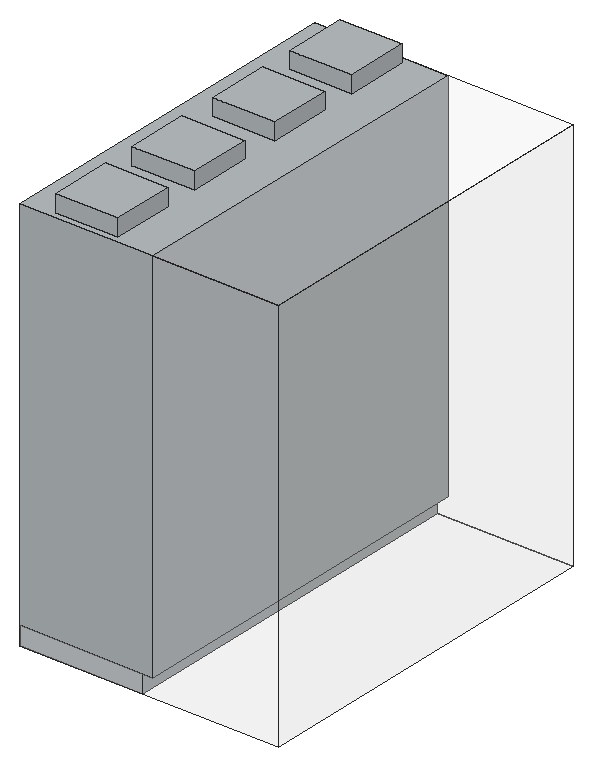
Revit family "lf-150_200x2-50_f60_50Hz", category 機械設備, Revit 2019
Family settings
  丸型コネクタ寸法 = 直径を使用
  パーツ タイプ = 標準
  OmniClass 番号 = 23.75.10.34.21
  OmniClass タイトル = Heat Exchangers for Ventilation Air
  作業面ベース = いいえ
  常に垂直 = はい
  ロード時にボイドで切り取り = いいえ
  共有 = いいえ
  部屋計算ポイント = はい
Parameters (values of type "LF-200X2-50")
  騒音レベル(dB(A)) = 46
  風量 = 2000.0 m³/h
  面風速 = 6.17 m/s
  電源種別 [instance] = ""
  電圧 = 200 V
  電動機出力 = 0 W
  集中コントローラ = ""
  運転質量 = 0.00 kg
  連動 [instance] = ""
  質量 = if(製品質量 > 運転質量, 製品質量, 運転質量) * 1.2  # 354.00 kg
  負荷分類 = 3_ファン類
  説明 = "設備用ロスナイ 床置形"
  設計風量 = 0.0 m³/h
  設置方法 = "床置形"
  記号 [instance] = ""
  製造元 = "三菱電機株式会社"
  製品質量 = 295.00 kg
  製品出荷対象 = "国内"
  製品リリース年月 = "2018/7/25"
  製品グループ = ""
  系統 [instance] = ""
  符号 = "HEU"
  積算_科目 = "1 空気調和設備"
  積算_拾い区分 [instance] = ""
  相 = 3
  盤記号 [instance] = ""
  発停方法 [instance] = ""
  特殊仕様 [instance] = ""
  火災停止 [instance] = ""
  温度交換効率 = 75.00%
  消費電力 = 1390 W
  法定耐用年数 = "15"
  機外静圧_排気 = 250.0 Pa
  機外静圧 = 250.0 Pa
  極数 = 3
  材質 [instance] = ""
  本体固定用穴ピッチ2 = 850 mm
  本体固定用穴ピッチ1 = 550 mm
  本体固定用穴_径 = 20 mm
  本体マテリアル = 溶融亜鉛めっき鋼板
  操作・制御方式 = ""
  操作・制御スイッチ = ""
  排気量 = 0.0 m³/h
  形式 = "床置形"
  幹線記号 [instance] = ""
  対象室 [instance] = ""
  実風量 = 0.0 m³/h
  始動方式 [instance] = "直入"
  外気量 = 0.0 m³/h
  呼称 = "全熱交換ユニット"
  周波数 = 50 Hz
  参照している仕様書等のバージョン = "公共建築工事標準仕様書（機械設備工事編）平成31年度版"
  初期抵抗 = 0.0 Pa
  分類コード = "50052504100050"
  分類グループ = ""
  価格 = 3843000
  企業コード = "108420"
  付属品_フィルター_還気 = ""
  付属品_フィルター = ""
  付属品 [instance] = ""
  仕様書バージョン = "Version1.0"
  モデル = "LF-200X2-50"
  メンテナンススペース = yes
  コメント [instance] = ""
  Keynote = ""
  エンタルピ交換効率_暖房 = 68.00%
  エンタルピ交換効率_冷房 = 65.00%
  Assembly Code = ""
  Width = 635 mm
  W1 = 585 mm
  Version = ""
  Uniclass2015Version = "Systems v1.9"
  Uniclass2015Title = "Thermal wheels"
  Uniclass2015Code = "Pr_60_60_36_88"
  URL = "https://www.mitsubishielectric.co.jp/ldg/wink/ssl/displayProduct.do?pid=294052"
  SpecificationReference = ""
  SpecificationDescription = ""
  SAサイズ_W = 298 mm
  SAサイズ_D = 298 mm
  Revision = ""
  RAサイズ_W = 298 mm
  RAサイズ_D = 298 mm
  ProductInformation = ""
  OmniClassCode = "23-27 23 19 11"
  OAサイズ_W = 298 mm
  OAサイズ_D = 298 mm
  MIN風量 = 0.0 m³/h
  MIN静圧 = 0.0 Pa
  MID風量 = 0.0 m³/h
  MID静圧 = 0.0 Pa
  MAX風量 = 2000.0 m³/h
  MAX静圧 = 250.0 Pa
  IfcTypeProduct = ""
  IfcProduct = ""
  IfcExportType = "ROTARYWHEEL"
  IfcExportAs = "IfcAirToAirHeatRecoveryType"
  Height = 1800 mm
  H1 = 90 mm
  EAサイズ_W = 298 mm
  EAサイズ_D = 298 mm
  Duct_Pitch2 = 458 mm
  Duct_Pitch1 = 479 mm
  Duct_Height = 80 mm
  Depth = 1760 mm
  D1 = 1750 mm
  Clearance Top = 0 mm
  Clearance Right = 600 mm
  Clearance Left = 0 mm
  Clearance Front = 0 mm
  Clearance Bottom = 0 mm
  Clearance Back = 0 mm
  Author = "三菱電機株式会社"
Types (4, lengths in mm): name | 騒音レベル(dB(A)) | 風量 | 面風速 | 質量 | 説明 | 製品質量 | 消費電力 | 機外静圧_排気 | 機外静圧 | 価格 | モデル | URL | MAX風量 | MAX静圧
  LF-150X2-50 | 43.5 | 1500.0 m³/h | 4.63 m/s | 348.00 kg | "設備用ロスナイ 床置形" | 290.00 kg | 970 W | 220.0 Pa | 220.0 Pa | 3213000 | "LF-150X2-50" | "https://www.mitsubishielectric.co.jp/ldg/wink/ssl/displayProduct.do?pid=294050" | 1500.0 m³/h | 220.0 Pa
  LF-200X2-50 | 46 | 2000.0 m³/h | 6.17 m/s | 354.00 kg | "設備用ロスナイ 床置形" | 295.00 kg | 1390 W | 250.0 Pa | 250.0 Pa | 3843000 | "LF-200X2-50" | "https://www.mitsubishielectric.co.jp/ldg/wink/ssl/displayProduct.do?pid=294052" | 2000.0 m³/h | 250.0 Pa
  LF-150X2-F60 | 43.5 | 1500.0 m³/h | 4.63 m/s | 348.00 kg | "設備用ロスナイ 床置形 インバータ端子付" | 290.00 kg | 1210 W | 320.0 Pa | 320.0 Pa | 3532000 | "LF-150X2-F60" | "https://www.mitsubishielectric.co.jp/ldg/wink/ssl/displayProduct.do?pid=294070" | 1500.0 m³/h | 320.0 Pa
  LF-200X2-F60 | 48 | 2000.0 m³/h | 6.17 m/s | 354.00 kg | "設備用ロスナイ 床置形 インバータ端子付" | 295.00 kg | 1650 W | 330.0 Pa | 330.0 Pa | 4227000 | "LF-200X2-F60" | "https://www.mitsubishielectric.co.jp/ldg/wink/ssl/displayProduct.do?pid=294071" | 2000.0 m³/h | 330.0 Pa
Reference planes
  plane 1 "中心(正面/背面)": y = 0
  plane 2: z = 0
  plane 3 "中心(左/右)": x = 0
  plane 4: x = 292.5
  plane 5: x = 342.5
  plane 6: y = 880
  plane 7: y = 875
  plane 8: y = -880
  plane 9: y = -875
  plane 10: x = -292.5
  plane 11: x = -292.5
  plane 12: y = 239.5
  plane 13: y = 697.5
  plane 14: y = -239.5
  plane 15: y = -697.5
  plane 16: y = -548.5
  plane 17: y = -846.5
  plane 18: y = -90.5
  plane 19: y = -388.5
  plane 20: y = 388.5
  plane 21: y = 90.5
  plane 22: y = 846.5
  plane 23: y = 548.5
  plane 24: x = -149
  plane 25: x = 149
  plane 26: z = 90
  plane 27: z = 1890
  plane 28: z = 1970
  plane 29: y = 850
  plane 30: y = -850
  plane 31: x = -275
  plane 32: x = 275
  plane 33: x = 942.5
  plane 34: x = -292.5
  plane 35: y = 880
  plane 36: y = -880
  plane 37: z = 1890
  plane 38: z = 0
Forms (mm)
  Extrusion 1, solid, material "溶融亜鉛めっき鋼板" <- "本体マテリアル", detail levels fine
    sketch origin (0, 0, 0) x (1, 0, 0) y (0, 1, 0)
      loop
        line (-292.5, 880) -> (-292.5, -880) -> (342.5, -880) -> (342.5, 880) -> (-292.5, 880)
    from 90 to 1890
  Extrusion 2, solid, material "溶融亜鉛めっき鋼板" <- "本体マテリアル", detail levels fine
    sketch origin (0, 0, 0) x (1, 0, 0) y (0, 1, 0)
      loop
        line (-292.5, 875) -> (-292.5, -875) -> (292.5, -875) -> (292.5, 875) -> (-292.5, 875)
    from 0 to 90
  Extrusion 3, solid, material "溶融亜鉛めっき鋼板" <- "本体マテリアル", detail levels fine
    sketch origin (0, 0, 0) x (1, 0, 0) y (0, 1, 0)
      loop
        line (-149, 846.5) -> (-149, 548.5) -> (149, 548.5) -> (149, 846.5) -> (-149, 846.5)
      loop
        line (-149, 388.5) -> (-149, 90.5) -> (149, 90.5) -> (149, 388.5) -> (-149, 388.5)
      loop
        line (-149, -388.5) -> (149, -388.5) -> (149, -90.5) -> (-149, -90.5) -> (-149, -388.5)
      loop
        line (-149, -548.5) -> (-149, -846.5) -> (149, -846.5) -> (149, -548.5) -> (-149, -548.5)
    from 1890 to 1970
Lines and regions (mm)
  Masking region 1, detail levels coarse+medium
    outline origin (1331.5, 88, 0) x (1, 0, 0) y (0, 1, 0)
      loop
        line (-1624, 787) -> (-1624, -963) -> (-1039, -963) -> (-1039, 787) -> (-1624, 787)
  symbolic lines, detail levels coarse+medium
    curve 1: line (0, 875, 0) -> (-292.5, 0, 0)
    curve 2: line (-292.5, 0, 0) -> (0, -875, 0)
    curve 3: line (0, -875, 0) -> (292.5, 0, 0)
    curve 4: line (0, 875, 0) -> (292.5, 0, 0)
Dimensions and locks
  equal spacing: plane 10, plane 3 "中心(左/右)", plane 4
  "W1": plane 10 to plane 4
  "Width": plane 11 to plane 5
  equal spacing: plane 7, plane 1 "中心(正面/背面)", plane 9
  "D1": plane 7 to plane 9
  equal spacing: plane 6, plane 1 "中心(正面/背面)", plane 8
  "Depth": plane 6 to plane 8
  equal spacing: plane 12, plane 1 "中心(正面/背面)", plane 14
  "Duct_Pitch1": plane 12 to plane 14
  "Duct_Pitch2": plane 13 to plane 12
  "Duct_Pitch2": plane 15 to plane 14
  equal spacing: plane 16, plane 15, plane 17
  "SAサイズ_D": plane 16 to plane 17
  equal spacing: plane 19, plane 14, plane 18
  "RAサイズ_D": plane 19 to plane 18
  equal spacing: plane 21, plane 12, plane 20
  "OAサイズ_D": plane 21 to plane 20
  equal spacing: plane 23, plane 13, plane 22
  "EAサイズ_D": plane 23 to plane 22
  equal spacing: plane 24, plane 3 "中心(左/右)", plane 25
  "SAサイズ_W": plane 24 to plane 25
  locked: plane 11 to plane 10 at 0
  "H1": plane 26 to level
  "Height": plane 27 to plane 26
  "Duct_Height": plane 28 to plane 27
  "本体固定用穴ピッチ2": plane 1 "中心(正面/背面)" to plane 29
  "本体固定用穴ピッチ2": plane 30 to plane 1 "中心(正面/背面)"
  equal spacing: plane 31, plane 3 "中心(左/右)", plane 32
  "本体固定用穴ピッチ1": plane 31 to plane 32
  "Clearance Right": plane 5 to plane 33
  "Clearance Left": plane 34 to plane 11
  "Clearance Back": plane 35 to plane 6
  "Clearance Front": plane 8 to plane 36
  "Clearance Top": plane 37 to plane 27
  "Clearance Bottom": level to plane 38
  aligned and locked: level to plane 2
  aligned and locked: Extrusion 1 sketch curve to plane 6
  aligned and locked: plane 10 to Extrusion 1 sketch curve
  aligned and locked: Extrusion 1 sketch curve to plane 8
  aligned and locked: Extrusion 2 sketch curve to plane 7
  aligned and locked: plane 11 to Extrusion 2 sketch curve
  aligned and locked: Extrusion 2 sketch curve to plane 9
  aligned and locked: Extrusion 3 sketch curve to plane 22
  aligned and locked: plane 24 to Extrusion 3 sketch curve  (x3)
  aligned and locked: Extrusion 3 sketch curve to plane 23
  aligned and locked: plane 25 to Extrusion 3 sketch curve  (x3)
  aligned and locked: Extrusion 3 sketch curve to plane 20
  aligned and locked: Extrusion 3 sketch curve to plane 21
  aligned and locked: plane 19 to Extrusion 3 sketch curve
  aligned and locked: Extrusion 3 sketch curve to plane 24
  aligned and locked: plane 18 to Extrusion 3 sketch curve
  aligned and locked: Extrusion 3 sketch curve to plane 25
  aligned and locked: Extrusion 3 sketch curve to plane 16
  aligned and locked: Extrusion 3 sketch curve to plane 17
  aligned and locked: plane 9 to Masking region 1
  aligned and locked: Masking region 1 to plane 11
  aligned and locked: plane 7 to Masking region 1
  aligned and locked: Masking region 1 to curve 1
  aligned and locked: Masking region 1 to curve 2
  aligned and locked: plane 26 to Extrusion 2
  aligned and locked: plane 27 to Extrusion 1
  aligned and locked: Extrusion 1 to plane 26
  aligned and locked: plane 28 to Extrusion 3
  aligned and locked: Extrusion 3 to plane 27
  aligned and locked: plane 33 to nested 1
  aligned and locked: nested 1 to plane 36
  aligned and locked: nested 1 to plane 35
  aligned and locked: nested 1 to plane 37
  aligned and locked: nested 1 to plane 38
  aligned and locked: plane 9 to curve 2
  aligned and locked: plane 3 "中心(左/右)" to curve 3
  aligned and locked: plane 4 to curve 3
  aligned and locked: plane 3 "中心(左/右)" to curve 4
  aligned and locked: plane 1 "中心(正面/背面)" to curve 4
  aligned and locked: plane 30 to nested 2
  aligned and locked: plane 31 to nested 2
  aligned and locked: nested 2 to plane 32
  aligned and locked: plane 31 to nested 3
  aligned and locked: nested 3 to plane 32
  aligned and locked: plane 1 "中心(正面/背面)" to nested 3
  aligned and locked: plane 31 to nested 4
  aligned and locked: nested 4 to plane 32
  aligned and locked: nested 4 to plane 29
  aligned and locked: nested 1 to plane 34
  aligned and locked: Masking region 1 to plane 4
  aligned and locked: plane 4 to Extrusion 2 sketch curve
  aligned and locked: plane 5 to Extrusion 1 sketch curve
Automatic sketch dimensions
  plane 9 to Masking region 1 sketch curve = 0 mm
  Masking region 1 sketch curve to plane 10 = 0 mm
  plane 5 to Masking region 1 sketch curve = 50 mm
  Masking region 1 sketch curve to plane 7 = 0 mm
  plane 1 "中心(正面/背面)" to curve 1 = 0 mm
  curve 1 to plane 10 = 0 mm
  curve 4 to plane 7 = 0 mm
Nested families
  nested 1: "メンテナンススペース" at (325, 0, 945), visible <- "メンテナンススペース", type "メンテナンススペース"
    with Width 1235 mm, Height 1890 mm, Depth 1760 mm
  nested 2: "固定点" at (-275, -850, 0), type "固定点"
    with W 550 mm, D 1000 mm
  nested 3: "固定点" at (-275, 0, 0), type "固定点"
    with W 550 mm, D 1000 mm
  nested 4: "固定点" at (-275, 850, 0), type "固定点"
    with W 550 mm, D 1000 mm
Connectors
  hvac at (0, -697.5, 1970), driven by "SAサイズ_D", driven by "SAサイズ_W", driven by "機外静圧", driven by "風量"
    settings: on Extrusion 3, index 1, duct flow 2000.0 m³/h, flow factor 0, pres drop 250.0 Pa, loss coef 0, conn angle 0.00°, conn width 298 mm, conn height 298 mm, conn diameter 609.6 mm, duct sys type 1, conn prof type 1, flow config 0, flow direction 2, loss method 4, conn ref index -1, conn util no, is conn primary yes, conn desc ""
  hvac at (0, -239.5, 1970), driven by "RAサイズ_D", driven by "RAサイズ_W", driven by "機外静圧", driven by "風量"
    settings: on Extrusion 3, index 2, duct flow 2000.0 m³/h, flow factor 0, pres drop 250.0 Pa, loss coef 0, conn angle 0.00°, conn width 298 mm, conn height 298 mm, conn diameter 609.6 mm, duct sys type 2, conn prof type 1, flow config 0, flow direction 1, loss method 4, conn ref index -1, conn util no, is conn primary no, conn desc ""
  hvac at (0, 239.5, 1970), driven by "OAサイズ_D", driven by "OAサイズ_W", driven by "機外静圧", driven by "外気量"
    settings: on Extrusion 3, index 3, duct flow 0.0 m³/h, flow factor 0, pres drop 250.0 Pa, loss coef 0, conn angle 0.00°, conn width 298 mm, conn height 298 mm, conn diameter 609.6 mm, duct sys type 4, conn prof type 1, flow config 0, flow direction 1, loss method 4, conn ref index -1, conn util no, is conn primary no, conn desc ""
  hvac at (0, 697.5, 1970), driven by "EAサイズ_D", driven by "EAサイズ_W", driven by "機外静圧_排気", driven by "排気量"
    settings: on Extrusion 3, index 4, duct flow 0.0 m³/h, flow factor 0, pres drop 250.0 Pa, loss coef 0, conn angle 0.00°, conn width 298 mm, conn height 298 mm, conn diameter 609.6 mm, duct sys type 3, conn prof type 1, flow config 0, flow direction 2, loss method 4, conn ref index -1, conn util no, is conn primary no, conn desc ""
  electrical at (342.5, 0, 990), driven by "極数", driven by "負荷分類", driven by "電圧", driven by "消費電力"
    settings: on Extrusion 1, index 5, voltage 200 V, apparent load 1390 VA, apparent load phase1 0 VA, apparent load phase2 0 VA, apparent load phase3 0 VA, power factor 1, load classification "3_ファン類", number of poles 3, system type 30, power factor state 1, is connector primary yes, connector utility no, sub classification motor no, connector description ""
Definition of nested family "メンテナンススペース"
  Parameters (values of type "メンテナンススペース")
    Width [instance] = 500 mm
    Height [instance] = 500 mm
    Depth [instance] = 500 mm
  Reference planes
    plane 1 "中心(正面/背面)": y = 0
    plane 2: z = 0
    plane 3 "中心(左/右)": x = 0
    plane 4: y = -250
    plane 5: x = 250
    plane 6: y = 250
    plane 7: x = -250
    plane 8: z = 250
    plane 9: z = -250
  Forms (mm)
    Extrusion 1, solid
      sketch origin (-638.939, 0, 72.39) x (1, 0, 0) y (0, 1, 0)
        loop
          line (388.939, 250) -> (388.939, -250) -> (888.939, -250) -> (888.939, 250) -> (388.939, 250)
      from -322.39 to 177.61
  Lines and regions (mm)
    symbolic lines
      curve 1: line (-250, 0, 250) -> (250, 0, 250)
      curve 2: line (-250, 0, -250) -> (-250, 0, 250)
      curve 3: line (250, 0, -250) -> (-250, 0, -250)
      curve 4: line (250, 0, 250) -> (250, 0, -250)
      curve 5: line (0, -250, 250) -> (0, 250, 250)
      curve 6: line (0, -250, -250) -> (0, -250, 250)
      curve 7: line (0, 250, -250) -> (0, -250, -250)
      curve 8: line (0, 250, 250) -> (0, 250, -250)
      curve 9: line (-250, 250, 0) -> (250, 250, 0)
      curve 10: line (-250, -250, 0) -> (-250, 250, 0)
      curve 11: line (250, -250, 0) -> (-250, -250, 0)
      curve 12: line (250, 250, 0) -> (250, -250, 0)
  Dimensions and locks
    equal spacing: plane 7, plane 3 "中心(左/右)", plane 5
    equal spacing: plane 4, plane 1 "中心(正面/背面)", plane 6
    "Depth": plane 4 to plane 6
    "Width": plane 7 to plane 5
    equal spacing: plane 8, plane 2, plane 9
    "Height": plane 8 to plane 9
    aligned and locked: plane 9 to curve 3
    aligned and locked: plane 7 to curve 2
    aligned and locked: curve 4 to plane 5
    aligned and locked: plane 5 to Extrusion 1
    aligned and locked: Extrusion 1 to plane 7
    aligned and locked: Extrusion 1 to plane 9
    aligned and locked: plane 8 to Extrusion 1
    aligned and locked: plane 9 to curve 7
  Automatic sketch dimensions
    plane 4 to Extrusion 1 sketch curve = 0 mm
    Extrusion 1 sketch curve to plane 7 = 0 mm
    Extrusion 1 sketch curve to plane 5 = 0 mm
    plane 6 to Extrusion 1 sketch curve = 0 mm
    curve 2 to plane 8 = 0 mm
    plane 4 to curve 11 = 0 mm
    curve 11 to plane 7 = 0 mm
    curve 11 to plane 5 = 0 mm
    plane 6 to curve 10 = 0 mm
    curve 7 to plane 4 = 0 mm
    curve 7 to plane 6 = 0 mm
    curve 6 to plane 8 = 0 mm
Definition of nested family "固定点"
  Parameters (values of type "固定点")
    中心円 = 20 mm
    W [instance] = 1000 mm
    D [instance] = 1000 mm
  Reference planes
    plane 1 "中心(正面/背面)": y = 0
    plane 2: z = 0
    plane 3 "中心(左/右)": x = 0
    plane 4: x = 1000
  Lines and regions (mm)
    symbolic lines, detail levels fine
      curve 1: circle (0, 0, 0) r 10 normal (0, 0, 1)
      curve 2: circle (1000, 0, 0) r 10 normal (0, 0, 1)
      curve 3: line (-200, 0, 0) -> (1200, 0, 0)
      curve 4: line (0, 200, 0) -> (0, -200, 0)
      curve 5: line (1000, 200, 0) -> (1000, -200, 0)
  Dimensions and locks
    "W": plane 3 "中心(左/右)" to plane 4
    "中心円": diameter of curve 1
    "中心円": diameter of curve 2
    aligned and locked: level to plane 2
    aligned and locked: plane 3 "中心(左/右)" to curve 1
    aligned and locked: plane 1 "中心(正面/背面)" to curve 1
    aligned and locked: plane 1 "中心(正面/背面)" to curve 2
    aligned and locked: plane 4 to curve 2
    aligned and locked: plane 1 "中心(正面/背面)" to curve 3
    aligned and locked: curve 4 to plane 3 "中心(左/右)"
    aligned and locked: curve 5 to plane 4
  Automatic sketch dimensions
    curve 3 to plane 3 "中心(左/右)" = 200 mm
    curve 2 to curve 3 = 200 mm
    plane 1 "中心(正面/背面)" to curve 4 = 200 mm
    plane 1 "中心(正面/背面)" to curve 5 = 200 mm
    curve 5 to plane 1 "中心(正面/背面)" = 200 mm
    curve 4 to plane 1 "中心(正面/背面)" = 200 mm
